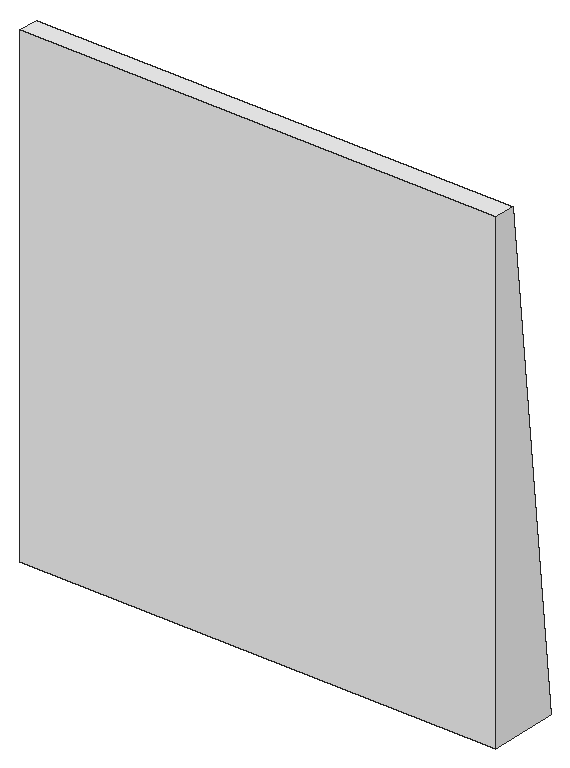
Revit family
Parameters (values of type "35x35 mm")
  Switch Material = Plastic
  Mounting Height = 1000 mm
Reference planes
  plane 1: y = 0
  plane 2 "Center (Left/Right)": x = 125
  plane 3 "Back": y = 75
  plane 4: z = 1000
Forms (mm)
  Blend 1, solid, material "Plastic" <- "Switch Material"
    base sketch origin (0, 0, 1000) x (0, 1, 0) y (-1, 0, 0)
      loop
        line (75, -142.5) -> (80, -142.5) -> (80, -107.5) -> (75, -107.5) -> (75, -142.5)
    top sketch origin (0, 0, 1000) x (0, 1, 0) y (-1, 0, 0)
      loop
        line (75, -142.5) -> (76.5, -142.5) -> (76.5, -107.5) -> (75, -107.5) -> (75, -142.5)
    from 0 to 35
Lines and regions (mm)
  symbolic lines
    curve 1: line (107.5, 80, 0) -> (142.5, 80, 0)
    curve 2: line (107.5, 75, 0) -> (107.5, 80, 0)
    curve 3: line (142.5, 75, 0) -> (107.5, 75, 0)
    curve 4: line (142.5, 80, 0) -> (142.5, 75, 0)
Text (mm)
  text "Placement side" at (-1867.185, 1116.779, 0), in view "Ref. Level"
  text "Placement side" at (0, 1270.507, 3001.832), in view "Left"
  text "Placement side" at (0, 530.812, 2999.686), in view "Right"
Dimensions and locks
  locked: plane 3 "Back" to host wall
  "Mounting Height": level to plane 4
  locked: plane 3 "Back" to curve 1 at 5
  aligned and locked: plane 1 to host wall
Automatic sketch dimensions
  Blend 1 sketch curve to host wall = 0 mm  (x2)
  plane 2 "Center (Left/Right)" to Blend 1 sketch curve = 17.5 mm  (x2)
  Blend 1 sketch curve to plane 2 "Center (Left/Right)" = 17.5 mm  (x2)
  Blend 1 sketch curve to Blend 1 sketch curve = 1.5 mm
  curve 3 to host wall = 0 mm
  host wall to Blend 1 sketch curve = 5 mm
  curve 3 to plane 2 "Center (Left/Right)" = 17.5 mm
  plane 2 "Center (Left/Right)" to curve 3 = 17.5 mm
